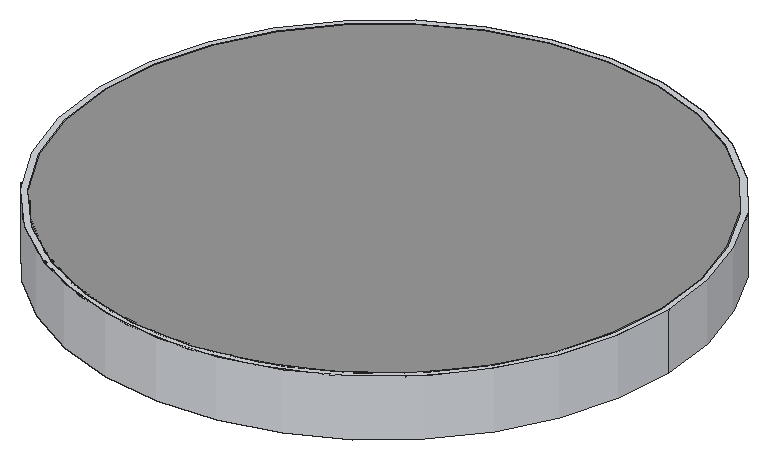
Revit family "2071176", category Lighting Fixtures, host Face, Revit 2018
Family settings
  Host = Face
  Round Connector Dimension = Use Diameter
  Part Type = Normal
  OmniClass Number = 23.80.70.00
  OmniClass Title = Lighting
  Cut with Voids When Loaded = No
  Light Source = Yes
  Shared = No
  Room Calculation Point = No
Parameters (values of type "2071176 COLOSSAL 600 840 OP DIR WHT DALI EM")
  iner diameter = 588 mm
  Weight = "n/a"
  Wattage Comments = ""
  Wattage = 30 W
  WarrantyStartDate [instance] = "n/a"
  WarrantyGuarantorParts = "n/a"
  WarrantyDurationUnit = "n/a"
  WarrantyDurationParts = ""
  WarrantyDescription = "http://www.sylvania-lighting.com"
  built-in parameter 1150110 = 1 (stored number, unit not read)
  Voltage = 230 V
  URL = "0.99"
  TypeName = "COLOSSAL 600mm 840 OPAL DIR WHITE DALI EM"
  Type Image = <None>
  Type Comments = "n/a"
  built-in parameter 1114217 = 1 (stored number, unit not read)
  Tilt Angle = -90.00°
  built-in parameter 1150109 = 1 (stored number, unit not read)
  built-in parameter 1150134 = (empty or 0)
  built-in parameter 1150113 = 1 (stored number, unit not read)
  SerialNumber [instance] = "n/a"
  Photometric Web File = "2071176.ies"
  Material_3_SYL = LED-Sylvania
  PowerFactor = 0
  PowerConsumption = "Lighting"
  NominalLength = 600 mm
  NominalHeight = 93 mm
  NominalDepth = 600 mm
  Name = "COLOSSAL 600mm 840 OPAL DIR WHITE DALI EM"
  ModelReference = Name  # "COLOSSAL 600mm 840 OPAL DIR WHITE DALI EM"
  ModelNumber = "2071176"
  Model = Name  # "COLOSSAL 600mm 840 OPAL DIR WHITE DALI EM"
  Material = "Feilo Sylvania"
  ManufacturerName = "130 lm/W"
  Manufacturer = ""
  LuminousEfficacy = ""
  built-in parameter 1150105 = 270.44 (stored number, unit not read)
  Lumens = 3398.4 lm
  LuminaireType = "0"
  built-in parameter 1150115 = 1 (stored number, unit not read)
  LightOutputRatio = "LED"
  built-in parameter 1150137 = (empty or 0)
  built-in parameter 1150139 = (empty or 0)
  LampsType = Lamp  # "n/a"
  LampNominalLuminous = "4000 K"
  LampMacAdamStep = "80"
  LampColourTemperature = "LED"
  LampColourRenderingIndex = "16500"
  built-in parameter 1150112 = 1 (stored number, unit not read)
  built-in parameter 1150114 = 1 (stored number, unit not read)
  Lamp = "n/a"
  Keynote = "n/a"
  InstallationDate [instance] = "n/a"
  InputVoltage = "0"
  InputNominalFrequency = "4000"
  built-in parameter 1150132 = (empty or 0)
  built-in parameter 1150102 = (empty or 0)
  built-in parameter 1150107 = 3000 (stored number, unit not read)
  built-in parameter 1150138 = (empty or 0)
  IngressProtection = "IfcLightFixtureType"
  ImpactProtectionIndex = "IfcLightFixtureType"
  built-in parameter 1150106 = 2.7044 (stored number, unit not read)
  IfcExportType = "IfcLightFixtureType"
  IfcExportAs = "Class I"
  Emit from Circle Diameter = 385 mm
  Emit Shape Visible in Rendering = no
  ElectricShockClassification = "130"
  built-in parameter 1150104 = 10.524 (stored number, unit not read)
  DocumentationLiterature = "http://www.sylvania-lighting.com/product/en-int/products/2071176"
  DimmingControlOptions = "n/a"
  Material_2_SYL = Polycarbonate_Sylvania_White
  Dimming Lamp Color Temperature Shift = <None>
  Description = "600mm diameter circular architectural luminaire, can be surface mounted or suspended. Powder coated aluminium housing (RAL9016) with polycarbonate opal diffuser. Direct light distribution, 5330lm luminuous flux, 41W system power, 130lm/W luminiaire efficacy. DALI dimmable. 3 hours integrated emergency. Colour rendering index Ra >80, 4000K Neutral White LED, chromaticity tolerance of 3-step MacAdam ellipse. IP40, IK03. 450mA drive current. Electrical protection Class1, 220-240V. Reported lifetime 66k hours L90B10."
  Default Elevation = 1219.2 mm
  CreatedOn = "23/03/2022"
  CreatedBy = "@sylvania-lighting.com"
  Cost = 0
  Color Filter = 16777215
  built-in parameter 1114216 [instance] = (empty or 0)
  ClassificationValue = "EF_70_80"
  ClassificationName = "Uniclass2015"
  Material_1_SYL = Polycarbonate_Sylvania_Opal
  BarCode [instance] = "n/a"
  built-in parameter 1114218 = 1 (stored number, unit not read)
  built-in parameter 1150133 = 10 (stored number, unit not read)
  AssetType = "Fixed"
  AssetIdentifier [instance] = "n/a"
  Assembly Code = "D5020200"
  Apparent Load = 41 VA
  Material_4_SYL = none
Reference planes
  plane 1 "Center (Front/Back)": y = 0
  plane 2: z = 0
  plane 3 "Center (Left/Right)": x = 0
  plane 4: x = -300
  plane 5: x = 300
  plane 6: y = 300
  plane 7: y = -300
  plane 8: y = 212
  plane 9: y = -212
  plane 10: z = 93
  plane 11: y = 294
  plane 12: y = -294
  plane 13: through (0, 0, 1219.2) normal (0.5, -0.866, 0)
  plane 14: through (-134.29, 20.617, 1219.2) normal (0.5, -0.866, 0)
  plane 15: through (-144.685, -181.683, 1219.2) normal (-0.5, 0.866, 0)
  plane 16: through (0, 0, 1219.2) normal (0.5, 0.866, 0)
  plane 17: through (178.555, -4.939, 1219.2) normal (0.5, 0.866, 0)
  plane 18: through (87.581, -148.715, 1219.2) normal (0.5, 0.866, 0)
  plane 19: y = 272
  plane 20: through (105.168, 227.067, 1219.2) normal (0.866, 0.5, 0)
  plane 21: through (-104.171, 225.672, 1219.2) normal (0.8572, -0.515, 0)
  plane 22: y = -204.612
  plane 23: through (-296.643, -30.2, 1219.2) normal (0.866, 0.5, 0)
  plane 24: through (153.092, -278.837, 1219.2) normal (-0.866, 0.5, 0)
Forms (mm)
  Extrusion 1, solid, detail levels medium+fine
    sketch origin (0, 0, 0) x (1, 0, 0) y (0, 1, 0)
      loop
        circle (0, 0) r 300
    from 33.023 to 93
  Extrusion 2, void
    sketch origin (0, 0, 0) x (1, 0, 0) y (0, 1, 0)
      loop
        circle (0, 0) r 294
    from 93 to 37.292
  Extrusion 3, solid, material "Glass, White, High Luminance", detail levels fine
    sketch origin (0, 0, 0) x (1, 0, 0) y (0, 1, 0)
      loop
        circle (0, 0) r 294
    from 88.026 to 93
  Extrusion 4, solid, detail levels coarse
    sketch origin (0, 0, 0) x (1, 0, 0) y (0, 1, 0)
      loop
        line (-300, 300) -> (-300, -300) -> (300, -300) -> (300, 300) -> (-300, 300)
    from 0 to 93
  Blend 5, solid, detail levels medium+fine
    base sketch origin (0, 0, 0) x (1, 0, 0) y (0, 1, 0)
      loop
        line (-76.334, 272) -> (-277.665, -63.07) -> (-195.946, -204.612) -> (195.946, -204.612) -> (275.172, -67.388) -> (79.226, 272) -> (-76.334, 272)
    top sketch origin (0, 0, 0) x (1, 0, 0) y (0, 1, 0)
      loop
        line (-226.097, -32.388) -> (-141.097, -179.612) -> (141.097, -179.612) -> (226.097, -32.388) -> (85, 212) -> (-85, 212) -> (-226.097, -32.388)
    from 33.023 to 0
Cuts and joins
  Extrusion 2 cuts Extrusion 1
Lines and regions (mm)
  model lines
    curve 1: line (-85, 212, 0) -> (0, 212, 0)
    curve 2: line (0, 212, 0) -> (85, 212, 0)
Dimensions and locks
  "NominalDepth": plane 6 to plane 7
  "NominalLength": plane 4 to plane 5
  equal spacing: plane 4, plane 3 "Center (Left/Right)", plane 5
  "iner diameter": plane 11 to plane 12
  equal spacing: plane 11, plane 1 "Center (Front/Back)", plane 12
  equal spacing: plane 6, plane 1 "Center (Front/Back)", plane 7
  "NominalHeight": plane 10 to level
  radius of Extrusion 2 sketch curve = 294 mm
  aligned and locked: plane 2 to host face
  aligned and locked: level to host face
Automatic sketch dimensions
  host sketch curve to host sketch curve = 2438.4 mm  (x2)
  plane 1 "Center (Front/Back)" to Extrusion 1 sketch curve = 0 mm
  Extrusion 1 sketch curve to plane 3 "Center (Left/Right)" = 0 mm
  plane 1 "Center (Front/Back)" to Extrusion 2 sketch curve = 0 mm
  Extrusion 2 sketch curve to plane 3 "Center (Left/Right)" = 0 mm
  plane 1 "Center (Front/Back)" to Extrusion 3 sketch curve = 0 mm
  Extrusion 3 sketch curve to plane 3 "Center (Left/Right)" = 0 mm
  Extrusion 4 sketch curve to plane 4 = 0 mm
  Extrusion 4 sketch curve to plane 5 = 0 mm
  Extrusion 4 sketch curve to plane 7 = 0 mm
  Extrusion 4 sketch curve to plane 6 = 0 mm
  Blend 5 sketch curve to plane 8 = 0 mm
  Blend 5 sketch curve to plane 3 "Center (Left/Right)" = 85 mm
  plane 3 "Center (Left/Right)" to Blend 5 sketch curve = 85 mm
  plane 9 to Blend 5 sketch curve = 32.388 mm
  plane 3 "Center (Left/Right)" to Blend 5 sketch curve = 141.097 mm
  plane 1 "Center (Front/Back)" to Blend 5 sketch curve = 32.388 mm  (x2)
  Blend 5 sketch curve to plane 5 = 73.903 mm
  Blend 5 sketch curve to plane 3 "Center (Left/Right)" = 141.097 mm
  plane 4 to Blend 5 sketch curve = 73.903 mm
  curve 1 to plane 8 = 0 mm
  curve 2 to plane 3 "Center (Left/Right)" = 0 mm
  curve 1 to plane 3 "Center (Left/Right)" = 85 mm
  curve 1 to curve 2 = 85 mm
  Blend 5 sketch curve to plane 21 = 0 mm
  Blend 5 sketch curve to plane 23 = 0 mm  (x2)
  Blend 5 sketch curve to plane 22 = 0 mm
  Blend 5 sketch curve to plane 19 = 0 mm
  plane 21 to Blend 5 sketch curve = 0 mm
  Blend 5 sketch curve to plane 20 = 0 mm  (x2)
  Blend 5 sketch curve to plane 24 = 0 mm  (x2)
  radius of Extrusion 1 sketch curve = 300 mm
  radius of Extrusion 3 sketch curve = 294 mm
Connectors
  electrical at (0, 0, 0), driven by "Apparent Load", driven by "PowerFactor", driven by "Voltage"
    settings: index 1, voltage 230 V, apparent load 41 VA, apparent load phase1 0 VA, apparent load phase2 0 VA, apparent load phase3 0 VA, power factor 0, load classification "Lighting", number of poles 1, system type 30, power factor state 1, is connector primary yes, connector utility no, sub classification motor no, connector description ""
